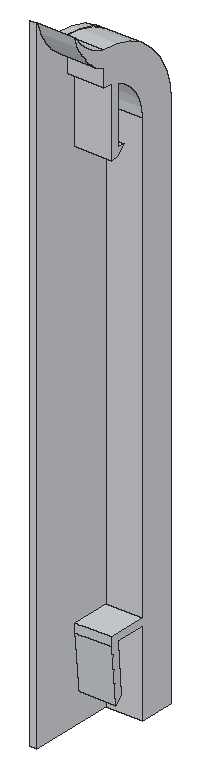
Revit family "HansWeitzel_183", category Allgemeines Modell, Revit 2017
Family settings
  Basisbauteil = Wand
  Kann Basisbauteil für Bewehrung sein = Nein
  Bemaßung runder Anschluss = Durchmesser verwenden
  Teiletyp = Normal
  Immer vertikal = Ja
  Beim Laden mit Abzugskörper schneiden = Nein
  Gemeinsam genutzt = Nein
  Raumberechnungspunkt = Nein
Parameters
  max. Betriebstemperatur (°C) = 90
  Werkstoff = "Polystyrol"
  Wandmontage möglich = yes
  Typname = "HZ-Stoßverbinder BLF Weiß"
  Tiefe (mm) = 30
  Profilart = "Anschlussprofi"
  Menge pro Verpackungseinheit = 10
  Ist Zubehör = no
  Ist System = no
  Höhe [mm] = 93
  Hersteller = "Hans Weitzel GmbH & Co. KG"
  HeinzeBIM = "https://www.heinze.de/bim/hz-stossverbinder-blf-weiss/3f90a44d7880ff73532c008bfc20d25846d7e9ca"
  HAN = "183"
  Gewicht unverpackt (netto) [kg] = 0.008
  GTIN = "4022023203110"
  Farbton = "weiß"
  Dekor = "Weiß"
  Breite [mm] = 40
  Beschreibung = "HZ-Stoßverbinder BLF Weiß Formteil an Sollbruchstelle einkürzen"
  BIMSITE_PRODUCT_ID = "3f90a44d7880ff73532c008bfc20d25846d7e9ca"
  BIM = "https://media.live.bim.site/t/eyJhbGciOiJIUzI1NiIsInR5cCI6IkpXVCJ9.eyJjdCI6MSwidGYiOiJwdWJsaWMvaGFucy13ZWl0emVsLWdtYmgtY28ta2cvMjI1MGEyZS9IWl9CTEZfU3Rvc3N2ZXJiaW5kZXJfQmxpbmRsLnJmYSIsImNpZCI6ImZlZDk4ZTlhLTFiZDgtNGM2OC1hNzNiLTc0YTk0ZTMxNTgyMyIsInJpZCI6ImVlMDYxZDE5MmQ0ZjIwZDEzMWY3OTQ4M2E1MmJjYzg5IiwicGlkIjoiM2Y5MGE0NGQ3ODgwZmY3MzUzMmMwMDhiZmMyMGQyNTg0NmQ3ZTljYSIsInNpZCI6IjYzNTU4IiwidXQiOjUsImxjIjoiZGUiLCJpYXQiOjE1ODAyMDY5NzgsImlzcyI6Imh0dHBzOi8vYXBpLmxpdmUuYmltLnNpdGUiLCJzdWIiOiJmNTg2YzRiNi1hNTA4LTQyN2EtOTgxOC0xMzE3OTY2NTc2YmMifQ.kMbo18PJvRpkE-b_mRw9rG7zknU4XIf45ZBgixAACp0/HZ_BLF_Stossverbinder_Blindl.rfa"
Reference planes
  plane 1: y = 0
  plane 2 "Center (Left/Right)": x = 0
  plane 3 "Wall Edge": y = 76.2
Text (mm)
  text "Placement Side" at (0, 1019.848, 3124.603), in view "Right"
  text "Placement Side" at (-1787.662, 723.012, 0), in view "Ref. Level"
  text "Placement Side" at (0, 2073.289, 3571.227), in view "Left"
Dimensions and locks
  locked: plane 3 "Wall Edge" to host wall
  aligned and locked: plane 3 "Wall Edge" to nested 1
Nested families
  nested 1: "HZ_BLF_Stossverbinder_Blindl" at (1, 76.2, 0), type "HZ_BLF_Stossverbinder_Blindl"
Definition of nested family "HZ_BLF_Stossverbinder_Blindl"
  Reference planes
    plane 1 "Center (Front/Back)": y = 0
    plane 2: z = 0
    plane 3 "Center (Left/Right)": x = 0
  Forms (mm)
    Extrusion 1, solid
      sketch origin (0, 0, 0) x (0, 1, 0) y (0, 0, 1)
        loop
          arc (16, 72) -> (12.727, 79.83) -> (4.854, 82.999) r 11
          arc (4.854, 82.999) -> (2.091, 84.316) -> (0, 86.553) r 8.222
          arc (0, 86.553) -> (1.757, 83.087) -> (4.851, 80.736) r 8.67
          line (4.851, 80.736) -> (4.851, 78.472)
          arc (4.851, 78.472) -> (5.499, 78.442) -> (6.14, 78.346) r 6.5
          line (6.14, 78.346) -> (6.14, 69.232) -> (7.064, 69.232) -> (8.141, 70.371) -> (7.148, 70.371) -> (7.148, 78.059)
          arc (7.148, 78.059) -> (10.208, 75.675) -> (11.366, 71.972) r 6.5
          line (11.366, 71.972) -> (11.366, 12.318) -> (6.13, 12.318) -> (6.13, 11.14) -> (6.85, 3.802) -> (7.723, 4.72) -> (7.157, 11.4) -> (11.366, 11.4) -> (11.366, 0) -> (16, 0) -> (16, 72)
      from 0 to 5
    Extrusion 2, solid
      sketch origin (-1, 0, 0) x (0, 1, 0) y (0, 0, 1)
        loop
          line (16, 0) -> (16, 72)
          arc (16, 72) -> (12.727, 79.83) -> (4.854, 82.999) r 11
          arc (4.854, 82.999) -> (2.091, 84.316) -> (0, 86.553) r 8.222
          line (0, 86.553) -> (0, 0) -> (16, 0)
      from 0 to 1
  Dimensions and locks
    aligned and locked: plane 2 to level
